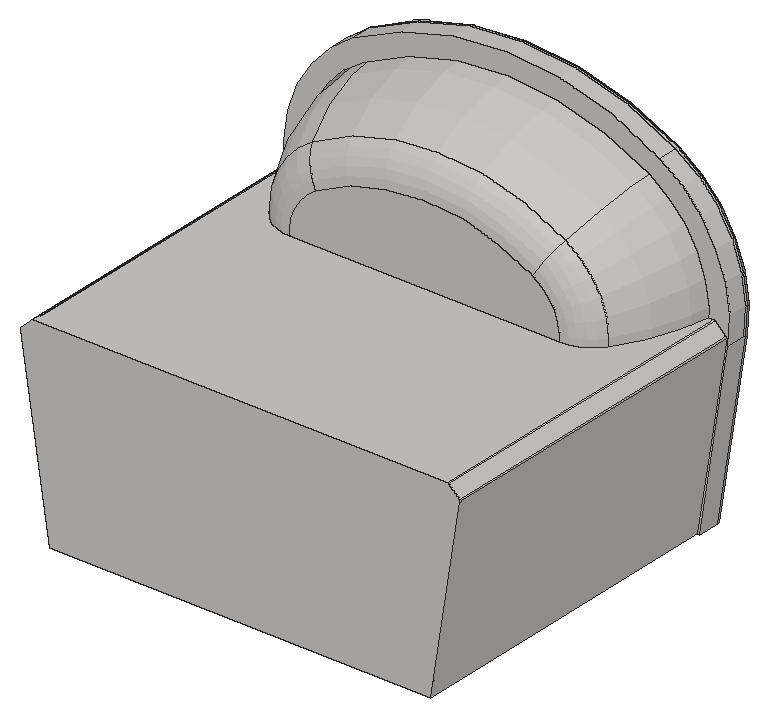
Revit family "PRD_FrankeWS_WlHngWshBsns_AnimaWashbasin_BS204,204-M,205,205-M", category Plumbing Fixtures, host Face, Revit 2018
Family settings
  Host = Face
  Round Connector Dimension = Use Diameter
  Part Type = Normal
  OmniClass Number = 23.45.05.14.14
  OmniClass Title = Sinks/Lavatories
  Cut with Voids When Loaded = No
  Shared = No
  Room Calculation Point = No
Parameters (values of type "BS204 - without taphole")
  WaterSupplyOverflowAndWasteHolesWaterSupply = "No tapholes"
  WaterSupplyOverflowAndWasteHolesWaste = "Center-Back"
  WaterSupplyOverflowAndWasteHolesOverflow = "None"
  WasteSize = 32.0 mm
  WashbasinMaterial = PRD_AR_StainlessSteel_SatinFinished
  WashHandBasinType = "HandRinse"
  WashHandBasinMounting = "WallHung"
  WarrantyStartDate [instance] = "1900-12-31T23:59:59"
  WarrantyGuarantorParts = "n/a"
  WarrantyGuarantorLabor = "n/a"
  WarrantyDurationUnit = "year"
  WarrantyDurationParts = "n/a"
  WarrantyDurationLabor = "n/a"
  WarrantyDescription = "n/a"
  Version = "1"
  Uniclass2015Version = "Products v1.10"
  Uniclass2015Title = "Wall-hung wash basins"
  Uniclass2015Code = "Pr_40_20_96_96"
  URL = "www.kwc.com"
  Type = BS204 : BS204
  TrapCoverMaterial = PRD_AR_StainlessSteel_SatinFinished
  Taphole = no
  TagNumber [instance] = "n/a"
  SustainabilityPerformance = "n/a"
  Standard = "n/a"
  Size = "550 x 450 x 155 mm"
  Shape = "Oval"
  SerialNumber [instance] = "n/a"
  Revision = "n/a"
  ReplacementCost = "n/a"
  ProductInformation = "https://pim.kwc.com/product/2000090016/attachment/datasheet?locale=en"
  OverflowClass = "n/a"
  NominalWidth = 550 mm
  NominalHeight = 155 mm
  NominalDepth = 450 mm
  NetWeight = 3.68 kg
  Name = "ANIMA wall-hung wash basin BS204"
  NBSTypeID = "n/a"
  NBSReference = "45-35-70/369"
  NBSOfficeMasterTag = "n/a"
  NBSNote = "n/a"
  NBSDescription = "Wall hung wash basins"
  NBSCertification = "n/a"
  ModelReference = "BS204"
  ModelNumber = "2000090016"
  Model = ModelReference  # "BS204"
  MaterialsFinishAndColour = "Stainless steel, satin finished"
  MaterialsBody = "Stainless steel 1.4301"
  Material = "Stainless steel"
  ManufacturerURL = "www.kwc.com"
  ManufacturerName = "KWC Group AG"  # constant formula
  Manufacturer = ManufacturerName  # "KWC Group AG"
  IntegralAccessories = "Incl. stainless steel screws and dowels"
  InstallationDate [instance] = "1900-12-31T23:59:59"
  IfcExportType = "WASHHANDBASIN"
  IfcExportAs = "IfcSanitaryTerminalType"
  GrossWeight = 4.64 kg
  Grade = "n/a"
  Form = "Wall hung wash basin"
  Finish = "Satin finished"
  Features = "stainless steel, 1.00 mm, satin finished, wall mounting, 550x155x450 mm (WxHxD)"
  ExpectedLife = "n/a"
  DurationUnit = "year"
  DrainSize = "DN 32 (1 1/4 inch.)"
  Description = "Single wash basin for wall mounting, stainless steel, surface satin finished, material thickness 1 mm, seamless welded bowl with diameter 500x335x155 mm, oval shape, 90 mm tap ledge, prewelded mounting brackets, with soap dish, incl. screws and dowels. without overflow, 1 1/4 flat perforated waste"
  Default Elevation = 850 mm
  CreateOn = "11/2018"  # constant formula
  Constituents = "n/a"
  ConnectingDimensions = "n/a"
  Color = "Stainless steel"
  CodePerformance = "n/a"
  Category = "Pr_40_20_96_96, Wall-hung wash basins"
  BarCode [instance] = "n/a"
  BS206 [instance] = yes
  BIMObjectName = "PRD_AR_WallHungWashBasins_AnimaWashbasin_BS204"
  Author = "Archispace"  # constant formula
  AssetType = "Fixed"
  AssetIdentifier [instance] = "n/a"
  AccessibilityPerformance = "n/a"
Types (4, lengths in mm): name | WaterSupplyOverflowAndWasteHolesWaterSupply | Type | Taphole | ProductInformation | NetWeight | Name | ModelReference | ModelNumber | Model | GrossWeight | Description | BIMObjectName
  BS204 - without taphole | "No tapholes" | BS204 : BS204 | no | "https://pim.kwc.com/product/2000090016/attachment/datasheet?locale=en" | 3.68 kg | "ANIMA wall-hung wash basin BS204" | "BS204" | "2000090016" | "BS204" | 4.64 kg | "Single wash basin for wall mounting, stainless steel, surface satin finished, material thickness 1 mm, seamless welded bowl with diameter 500x335x155 mm, oval shape, 90 mm tap ledge, prewelded mounting brackets, with soap dish, incl. screws and dowels. without overflow, 1 1/4 flat perforated waste" | "PRD_AR_WallHungWashBasins_AnimaWashbasin_BS204"
  BS204-M - with taphole | "Single tap hole, middle, 35 mm" | BS204 : BS204 | yes | "https://pim.kwc.com/product/2000103078/attachment/datasheet?locale=en" | 4.216 kg | "ANIMA wall-hung wash basin BS204-M" | "BS204-M" | "2000103078" | "BS204-M" | 4.316 kg | "Single wash basin for wall mounting, stainless steel, surface satin finished, material thickness 1 mm, seamless welded bowl with diameter 500x335x155 mm, oval shape, 90 mm tap ledge, prewelded mounting brackets, with soap dish, incl. screws and dowels. without overflow, 1 1/4 flat perforated waste, with tap hole" | "PRD_AR_WallHungWashBasins_AnimaWashbasin_BS204-M"
  BS205 - without taphole | "No tapholes" | BS205 : BS205 | no | "https://pim.kwc.com/product/2000090017/attachment/datasheet?locale=en" | 3.63 kg | "ANIMA wall-hung wash basin BS205" | "BS205" | "2000090017" | "BS205" | 4.80 kg | "Single wash basin for wall mounting, stainless steel, surface satin finished, material thickness 1 mm, seamless welded bowl with diameter 500x335x155 mm, oval shape, 90 mm tap ledge, prewelded mounting brackets, with soap dish, incl. screws and dowels. with overflow, 1 1/4 plug waste" | "PRD_AR_WallHungWashBasins_AnimaWashbasin_BS205"
  BS205-M - with taphole | "Single tap hole, middle, 35 mm" | BS205 : BS205 | yes | "https://pim.kwc.com/product/2000103080/attachment/datasheet?locale=en" | 3.63 kg | "ANIMA wall-hung wash basin BS205-M" | "BS205-M" | "2000103080" | "BS205-M" | 3.73 kg | "Single wash basin for wall mounting, stainless steel, surface satin finished, material thickness 1 mm, seamless welded bowl with diameter 500x335x155 mm, oval shape, 90 mm tap ledge, prewelded mounting brackets, with soap dish, incl. screws and dowels. plug valve with 1 1/4 with overflow and tap hole" | "PRD_AR_WallHungWashBasins_AnimaWashbasin_BS205-M"
Reference planes
  plane 1 "Center (Front/Back)": y = 0
  plane 2: z = 0
  plane 3 "Center (Left/Right)": x = 0
Dimensions and locks
  aligned and locked: plane 2 to host face
  aligned and locked: level to host face
Nested families
  nested 1: "BS204" at (0, 0, 0) x (1, 0, 0) z (0, 1, 0), type <- "Type", type "BS204"
  nested 2: "BS206" at (0, -30, 0), visible <- "BS206", type "BS206"
    with WarrantyStartDate "1900-12-31T23:59:59", TagNumber "n/a", SerialNumber "n/a", InstallationDate "1900-12-31T23:59:59", BarCode "n/a", AssetIdentifier "n/a"
Connectors
  piping at (0, -176, 200), diameter 32, driven by "WasteSize", driven by "DrainSize"
    settings: on nested 1, index 1, connector inside diameter 609.6 mm, connector length 0 mm, flow factor 0, pipe flow 0.0 L/s, pressure drop 0.0 Pa, fitting loss kfactor 0, connector angle 0.00°, fixture units 0, engagement length 0 mm, angle of deflection 0.00°, flow configuration 2, flow direction 2, fitting loss method 0, system type 16, joint type 0, gender type 0, connector reference index -1, connector utility 0, adjustable connector no, is connector primary yes, connector description "DN 32 (1 1/4 inch.)"
Definition of nested family "BS204"
  Parameters (values of type "BS204")
    Taphole = no
    Material = none
    Default Elevation = 0 mm
  Reference planes
    plane 1 "Center (Front/Back)": y = 0
    plane 2: z = 0
    plane 3 "Center (Left/Right)": x = 0
    plane 4: y = -200
  Forms (mm)
    Sweep 1, solid, material <- "Material", detail levels fine
      path origin (0, 0, 0) x (1, 0, 0) y (0, 1, 0)
        loop
          arc (121.688, -99.315) -> (0, -90.471) -> (-121.688, -99.315) r 841.617
          arc (-121.688, -99.315) -> (-178.88, -120.153) -> (-223.082, -162.001) r 150
          arc (-223.082, -162.001) -> (-239.146, -191.717) -> (-248.153, -224.273) r 150
          arc (-248.153, -224.273) -> (-235.667, -311.726) -> (-176.127, -376.985) r 150
          arc (-176.127, -376.985) -> (0, -425) -> (176.127, -376.985) r 347.039
          arc (176.127, -376.985) -> (235.667, -311.726) -> (248.153, -224.273) r 150
          arc (248.153, -224.273) -> (239.146, -191.717) -> (223.082, -162.001) r 150
          arc (223.082, -162.001) -> (178.88, -120.153) -> (121.688, -99.315) r 150
      profile origin (0, -90.471, 0) x (0, -1, 0) y (0, 0, 1)
        loop
          arc (3.02, -7.96) -> (2.12, -5.858) -> (0, -5) r 3
          arc (0, -5) -> (10.947, -72.273) -> (40.937, -133.479) r 232.439
          arc (40.937, -133.479) -> (59.575, -150.027) -> (83.773, -156) r 52
          line (83.773, -156) -> (83.773, -154)
          arc (83.773, -154) -> (60.506, -148.256) -> (42.584, -132.345) r 50
          arc (42.584, -132.345) -> (13.568, -73.09) -> (3.02, -7.96) r 224.632
    Extrusion 2, solid, material <- "Material", detail levels fine
      sketch origin (0, 0, 0) x (1, 0, 0) y (0, 1, 0)
        loop
          arc (-109.576, -182.208) -> (-134.826, -191.408) -> (-154.342, -209.884) r 66.227
          arc (-154.342, -209.884) -> (-161.434, -223.004) -> (-165.411, -237.378) r 66.227
          arc (-165.411, -237.378) -> (-159.899, -275.989) -> (-133.611, -304.802) r 66.227
          arc (-133.611, -304.802) -> (0, -341.227) -> (133.611, -304.802) r 263.266
          arc (133.611, -304.802) -> (159.899, -275.989) -> (165.411, -237.378) r 66.227
          arc (165.411, -237.378) -> (161.434, -223.004) -> (154.342, -209.884) r 66.227
          arc (154.342, -209.884) -> (134.826, -191.408) -> (109.576, -182.208) r 66.227
          arc (109.576, -182.208) -> (0, -174.244) -> (-109.576, -182.208) r 757.844
      from -154 to -156
    Extrusion 3, solid, material <- "Material", detail levels fine
      sketch origin (0, 0, 0) x (1, 0, 0) y (0, 1, 0)
        loop
          arc (-272.845, -220.362) -> (-258.279, -322.39) -> (-188.815, -398.526) r 175
          arc (-188.815, -398.526) -> (0, -450) -> (188.815, -398.526) r 372.039
          arc (188.815, -398.526) -> (258.279, -322.39) -> (272.845, -220.362) r 175
          line (272.845, -220.362) -> (237.943, 0) -> (-237.943, 0) -> (-272.845, -220.362)
        loop
          arc (-121.688, -99.315) -> (-178.88, -120.153) -> (-223.082, -162.001) r 150
          arc (-223.082, -162.001) -> (-239.146, -191.717) -> (-248.153, -224.273) r 150
          arc (-248.153, -224.273) -> (-235.667, -311.726) -> (-176.127, -376.985) r 150
          arc (-176.127, -376.985) -> (0, -425) -> (176.127, -376.985) r 347.039
          arc (176.127, -376.985) -> (235.667, -311.726) -> (248.153, -224.273) r 150
          arc (248.153, -224.273) -> (239.146, -191.717) -> (223.082, -162.001) r 150
          arc (223.082, -162.001) -> (178.88, -120.153) -> (121.688, -99.315) r 150
          arc (121.688, -99.315) -> (0, -90.471) -> (-121.688, -99.315) r 841.617
      from -5 to -30
    Extrusion 4, void
      sketch origin (0, 0, 0) x (1, 0, 0) y (0, 1, 0)
        loop
          circle (0, -200) r 25
      from 0 to -156.986
    Sweep 5, solid, material <- "Material", detail levels fine
      path origin (0, 0, 0) x (1, 0, 0) y (0, 1, 0)
        loop
          line (237.943, 0) -> (-237.943, 0) -> (-272.845, -220.362)
          arc (-272.845, -220.362) -> (-258.279, -322.39) -> (-188.815, -398.526) r 175
          arc (-188.815, -398.526) -> (0, -450) -> (188.815, -398.526) r 372.039
          arc (188.815, -398.526) -> (258.279, -322.39) -> (272.845, -220.362) r 175
          line (272.845, -220.362) -> (237.943, 0)
      profile origin (0, 0, 0) x (0, -1, 0) y (0, 0, 1)
        loop
          line (0, -5) -> (25, -5) -> (2.429, -0.046)
          arc (2.429, -0.046) -> (0.746, -0.442) -> (0, -2) r 2
          line (0, -2) -> (0, -5)
    Blend 6, solid, material <- "Material", detail levels fine
      base sketch origin (0, 0, 0) x (1, 0, 0) y (0, 1, 0)
        loop
          arc (-51.103, -92.024) -> (0, -90.471) -> (51.103, -92.024) r 841.617
          line (51.103, -92.024) -> (71.546, -2) -> (-71.546, -2) -> (-51.103, -92.024)
      top sketch origin (0, 0, 0) x (1, 0, 0) y (0, 1, 0)
        loop
          arc (-42.434, -80.527) -> (0, -79.471) -> (42.434, -80.527) r 852.617
          line (42.434, -80.527) -> (60.266, -2) -> (-60.266, -2) -> (-42.434, -80.527)
      from -5 to 0
    Revolve 7, solid, material <- "Material"
      sketch origin (0, 0, 0) x (0, 1, 0) y (0, 0, 1)
        loop
          line (-200, -156) -> (-231, -156) -> (-231, -176) -> (-200, -176) -> (-200, -156)
        axis (-200, -176) -> (-200, -156)
      angle from 0 to 360
    Extrusion 8, solid, material <- "Material", detail levels fine
      sketch origin (-228.045, -0.92, 1200) x (0, -1, 0) y (0, 0, 1)
        loop
          line (1.08, -1363.15) -> (1.08, -1260.029) -> (-0.92, -1260.029) -> (-0.92, -1363.15) -> (1.08, -1363.15)
      from 0 to -55
    Extrusion 9, solid, material <- "Material", detail levels medium+fine
      sketch origin (-228.045, 0, 1200) x (0.156434, 0.987688, 0) y (0, 0, 1)
        loop
          line (0, -1363.15) -> (0, -1260.029) -> (-58.209, -1230) -> (-218.871, -1230) -> (0, -1363.15)
      from 0 to 10
    Extrusion 10, solid, material <- "Material", detail levels fine
      sketch origin (228.045, -0.92, 1200) x (0, -1, 0) y (0, 0, -1)
        loop
          line (1.08, 1363.15) -> (-0.92, 1363.15) -> (-0.92, 1260.029) -> (1.08, 1260.029) -> (1.08, 1363.15)
      from 0 to -55
    Extrusion 11, solid, material <- "Material", detail levels medium+fine
      sketch origin (228.045, 0, 1200) x (-0.156434, 0.987688, 0) y (0, 0, -1)
        loop
          line (0, 1363.15) -> (-218.871, 1230) -> (-58.209, 1230) -> (0, 1260.029) -> (0, 1363.15)
      from 0 to 10
    Sweep 12, solid, material <- "Material", detail levels medium
      path origin (0, 0, 0) x (1, 0, 0) y (0, 1, 0)
        loop
          arc (121.688, -99.315) -> (0, -90.471) -> (-121.688, -99.315) r 841.617
          arc (-121.688, -99.315) -> (-178.88, -120.153) -> (-223.082, -162.001) r 150
          arc (-223.082, -162.001) -> (-239.146, -191.717) -> (-248.153, -224.273) r 150
          arc (-248.153, -224.273) -> (-235.667, -311.726) -> (-176.127, -376.985) r 150
          arc (-176.127, -376.985) -> (0, -425) -> (176.127, -376.985) r 347.039
          arc (176.127, -376.985) -> (235.667, -311.726) -> (248.153, -224.273) r 150
          arc (248.153, -224.273) -> (239.146, -191.717) -> (223.082, -162.001) r 150
          arc (223.082, -162.001) -> (178.88, -120.153) -> (121.688, -99.315) r 150
      profile origin (0, -90.471, 0) x (0, -1, 0) y (0, 0, 1)
        loop
          line (3.056, 0) -> (0, 0)
          arc (0, 0) -> (10.205, -69.887) -> (40.937, -133.479) r 232.345
          arc (40.937, -133.479) -> (59.575, -150.027) -> (83.773, -156) r 52
          line (83.773, -156) -> (83.773, -154)
          arc (83.773, -154) -> (60.506, -148.256) -> (42.584, -132.345) r 50
          arc (42.584, -132.345) -> (12.395, -69.286) -> (3.056, 0) r 224.632
    Extrusion 13, solid, material <- "Material", detail levels medium
      sketch origin (0, 0, 0) x (1, 0, 0) y (0, 1, 0)
        loop
          arc (-272.845, -220.362) -> (-258.279, -322.39) -> (-188.815, -398.526) r 175
          arc (-188.815, -398.526) -> (0, -450) -> (188.815, -398.526) r 372.039
          arc (188.815, -398.526) -> (258.279, -322.39) -> (272.845, -220.362) r 175
          line (272.845, -220.362) -> (237.943, 0) -> (-237.943, 0) -> (-272.845, -220.362)
        loop
          arc (-121.688, -99.315) -> (-178.88, -120.153) -> (-223.082, -162.001) r 150
          arc (-223.082, -162.001) -> (-239.146, -191.717) -> (-248.153, -224.273) r 150
          arc (-248.153, -224.273) -> (-235.667, -311.726) -> (-176.127, -376.985) r 150
          arc (-176.127, -376.985) -> (0, -425) -> (176.127, -376.985) r 347.039
          arc (176.127, -376.985) -> (235.667, -311.726) -> (248.153, -224.273) r 150
          arc (248.153, -224.273) -> (239.146, -191.717) -> (223.082, -162.001) r 150
          arc (223.082, -162.001) -> (178.88, -120.153) -> (121.688, -99.315) r 150
          arc (121.688, -99.315) -> (0, -90.471) -> (-121.688, -99.315) r 841.617
      from 0 to -30
    Extrusion 14, solid, material <- "Material", detail levels medium
      sketch origin (0, 0, 0) x (1, 0, 0) y (0, 1, 0)
        loop
          arc (109.576, -182.208) -> (0, -174.244) -> (-109.576, -182.208) r 757.844
          arc (-109.576, -182.208) -> (-134.826, -191.408) -> (-154.342, -209.884) r 66.227
          arc (-154.342, -209.884) -> (-161.434, -223.004) -> (-165.411, -237.378) r 66.227
          arc (-165.411, -237.378) -> (-159.899, -275.989) -> (-133.611, -304.802) r 66.227
          arc (-133.611, -304.802) -> (0, -341.227) -> (133.611, -304.802) r 263.266
          arc (133.611, -304.802) -> (159.899, -275.989) -> (165.411, -237.378) r 66.227
          arc (165.411, -237.378) -> (161.434, -223.004) -> (154.342, -209.884) r 66.227
          arc (154.342, -209.884) -> (134.826, -191.408) -> (109.576, -182.208) r 66.227
      from -156 to -154
    Extrusion 15, solid, material <- "Material", detail levels coarse
      sketch origin (0, 0, 0) x (1, 0, 0) y (0, 1, 0)
        loop
          line (275, 0) -> (-275, 0) -> (-275, -247.738)
          arc (-275, -247.738) -> (-251.934, -334.578) -> (-188.815, -398.526) r 175
          arc (-188.815, -398.526) -> (0, -450) -> (188.815, -398.526) r 372.039
          arc (188.815, -398.526) -> (251.934, -334.578) -> (275, -247.738) r 175
          line (275, -247.738) -> (275, 0)
      from 0 to -156
  Cuts and joins
    Extrusion 4 cuts Extrusion 2
    joined: Sweep 1, Extrusion 2
    joined: Extrusion 3, Sweep 5
    Extrusion 4 cuts Extrusion 14
    joined: Sweep 12, Extrusion 13, Extrusion 14
  Lines and regions (mm)
    model lines, visible <- "Taphole"
      curve 1: circle (0, -48, 0) r 17.5 normal (0, 0, 1)
    model lines, detail levels coarse
      curve 2: arc (-248.153, -224.273, 0) -> (-239.146, -191.717, 0) -> (-223.082, -162.001, 0) r 150
      curve 3: arc (-223.082, -162.001, 0) -> (-178.88, -120.153, 0) -> (-121.688, -99.315, 0) r 150
      curve 4: arc (-121.688, -99.315, 0) -> (0, -90.471, 0) -> (121.688, -99.315, 0) r 841.617
      curve 5: arc (121.688, -99.315, 0) -> (178.88, -120.153, 0) -> (223.082, -162.001, 0) r 150
      curve 6: arc (223.082, -162.001, 0) -> (239.146, -191.717, 0) -> (248.153, -224.273, 0) r 150
      curve 7: arc (248.153, -224.273, 0) -> (235.667, -311.726, 0) -> (176.127, -376.985, 0) r 150
      curve 8: arc (176.127, -376.985, 0) -> (0, -425, 0) -> (-176.127, -376.985, 0) r 347.039
      curve 9: arc (-176.127, -376.985, 0) -> (-235.667, -311.726, 0) -> (-248.153, -224.273, 0) r 150
  Dimensions and locks
    aligned and locked: level to plane 2
Definition of nested family "BS206"
  Parameters (values of type "BS206")
    WarrantyStartDate [instance] = "1900-12-31T23:59:59"
    WarrantyGuarantorParts = "n/a"
    WarrantyGuarantorLabor = "n/a"
    WarrantyDurationUnit = "year"
    WarrantyDurationParts = "n/a"
    WarrantyDurationLabor = "n/a"
    WarrantyDescription = "n/a"
    Version = "1"
    Uniclass2015Version = "Products v1.5"
    Uniclass2015Title = "Wall-hung wash basins"
    Uniclass2015Code = "Pr_40_20_96_96"
    URL = "www.kwc.com"
    TrapCoverMaterial = none
    TagNumber [instance] = "n/a"
    SustainabilityPerformance = "n/a"
    Style = "Trap cover"
    Size = "542 x 410 x 244 mm"
    Shape = "n/a"
    SerialNumber [instance] = "n/a"
    Revision = "n/a"
    ReplacementCost = "n/a"
    ProductInformation = "https://pim.kwc.com/product/2000058442/attachment/datasheet?locale=en"
    NominalWidth = 0 mm
    NominalLength = 542 mm
    NominalHeight = 410 mm
    NominalDepth = 244 mm
    NetWeight = 4.70 kg
    Name = "ANIMA trap cover BS206"
    NBSTypeID = "n/a"
    NBSReference = "45-35-70/369"
    NBSOfficeMasterTag = "n/a"
    NBSNote = "n/a"
    NBSDescription = "Wall hung wash basins"
    NBSCertification = "n/a"
    ModelReference = "BS206"
    ModelNumber = "2000058442"
    Model = ModelReference  # "BS206"
    Material = "Stainless steel 1.4301"
    ManufacturerURL = "www.kwc.com"
    ManufacturerName = "KWC Group AG"  # constant formula
    Manufacturer = ManufacturerName  # "KWC Group AG"
    MainColor = "Stainless steel"
    InstallationDate [instance] = "1900-12-31T23:59:59"
    IfcExportType = "NOTDEFINED"
    IfcExportAs = "IfcFurnitureType"
    GrossWeight = 4.70 kg
    Grade = "n/a"
    Finish = "Satin finished"
    Features = "stainless steel, 1.00 mm, satin finished, wall mounting, 542x410x244 mm (WxHxD)"
    ExpectedLife = "n/a"
    DurationUnit = "year"
    Description = "Wall mounted trap cover for wash basin BS204 and BS205, stainless steel, surface high polished, material thickness 1 mm, not closed at bottom, incl. screws and dowels."
    Default Elevation = 820 mm
    Constituents = "n/a"
    Color = "Stainless steel"
    CodePerformance = "n/a"
    Category = "Pr_40_20_96_96, Wall-hung wash basins"
    BarCode [instance] = "n/a"
    BIMObjectName = "PRD_AR_WallHungWashBasins_AnimaTrapCover_BS206"
    Author = "Archispace"  # constant formula
    AssetType = "Fixed"
    AssetIdentifier [instance] = "n/a"
    AccessibilityPerformance = "n/a"
  Reference planes
    plane 1 "Center (Front/Back)": y = 0
    plane 2: z = 0
    plane 3 "Center (Left/Right)": x = 0
  Forms (mm)
    Extrusion 1, solid
      sketch origin (0, 0, 0) x (1, 0, 0) y (0, 1, 0)
        loop
          line (-1219.2, 1219.2) -> (-1219.2, -1219.2) -> (1219.2, -1219.2) -> (1219.2, 1219.2) -> (-1219.2, 1219.2)
      from 0 to -304.8
    Extrusion 2, solid, material <- "TrapCoverMaterial", detail levels medium+fine
      sketch origin (0, 0, 0) x (1, 0, 0) y (0, 0, 1)
        loop
          arc (-255.299, 244) -> (-256.409, 243.779) -> (-257.349, 243.151) r 2.9
          line (-257.349, 243.151) -> (-269.955, 230.545)
          arc (-269.955, 230.545) -> (-270.663, 229.39) -> (-270.769, 228.041) r 2.9
          line (-270.769, 228.041) -> (-234.651, 0) -> (-209.651, 0) -> (-209.651, 1) -> (-233.797, 1) -> (-269.781, 228.197)
          arc (-269.781, 228.197) -> (-269.712, 229.081) -> (-269.248, 229.838) r 1.9
          line (-269.248, 229.838) -> (-256.642, 242.444)
          arc (-256.642, 242.444) -> (-256.026, 242.855) -> (-255.299, 243) r 1.9
          line (-255.299, 243) -> (255.299, 243)
          arc (255.299, 243) -> (256.026, 242.855) -> (256.642, 242.444) r 1.9
          line (256.642, 242.444) -> (269.248, 229.838)
          arc (269.248, 229.838) -> (269.712, 229.081) -> (269.781, 228.197) r 1.9
          line (269.781, 228.197) -> (233.797, 1) -> (209.651, 1) -> (209.651, 0) -> (234.651, 0) -> (270.769, 228.041)
          arc (270.769, 228.041) -> (270.663, 229.39) -> (269.955, 230.545) r 2.9
          line (269.955, 230.545) -> (257.349, 243.151)
          arc (257.349, 243.151) -> (256.409, 243.779) -> (255.299, 244) r 2.9
          line (255.299, 244) -> (-255.299, 244)
      from 0 to 410
    Extrusion 3, void
      sketch origin (0, 0, 0) x (1, 0, 0) y (0, 1, 0)
        loop
          arc (-249.256, 0) -> (-235.828, -54.416) -> (-209.813, -104.06) r 233.35
          arc (-209.813, -104.06) -> (-190.818, -120.916) -> (-166.163, -127) r 53
          line (-166.163, -127) -> (166.163, -127)
          arc (166.163, -127) -> (190.818, -120.916) -> (209.813, -104.06) r 53
          arc (209.813, -104.06) -> (235.828, -54.416) -> (249.256, 0) r 233.35
          line (249.256, 0) -> (-249.256, 0)
      from 179.412 to 250
    Extrusion 4, void
      sketch origin (0, 0, 0) x (1, 0, 0) y (0, 0, 1)
        loop
          line (-233.638, 0) -> (233.638, 0) -> (233.797, 1) -> (-233.797, 1) -> (-233.638, 0)
      from 0 to 133.5
    Extrusion 5, solid, material <- "TrapCoverMaterial", detail levels medium+fine
      sketch origin (0, 0, 0) x (1, 0, 0) y (0, 0, 1)
        loop
          line (-233.638, 0) -> (233.638, 0) -> (269.781, 228.197)
          arc (269.781, 228.197) -> (269.712, 229.081) -> (269.248, 229.838) r 1.9
          line (269.248, 229.838) -> (256.642, 242.444)
          arc (256.642, 242.444) -> (256.026, 242.855) -> (255.299, 243) r 1.9
          line (255.299, 243) -> (-255.299, 243)
          arc (-255.299, 243) -> (-256.026, 242.855) -> (-256.642, 242.444) r 1.9
          line (-256.642, 242.444) -> (-269.248, 229.838)
          arc (-269.248, 229.838) -> (-269.712, 229.081) -> (-269.781, 228.197) r 1.9
          line (-269.781, 228.197) -> (-233.638, 0)
      from 401 to 410
    Extrusion 6, solid, material <- "TrapCoverMaterial", detail levels coarse
      sketch origin (0, 0, 0) x (1, 0, 0) y (0, 0, 1)
        loop
          line (-271, 244) -> (-271, 0) -> (271, 0) -> (271, 244) -> (-271, 244)
      from 0 to 410
    Extrusion 7, solid, material <- "TrapCoverMaterial", detail levels medium
      sketch origin (0, 0, 0) x (1, 0, 0) y (0, 0, 1)
        loop
          line (256.086, 243) -> (269.933, 229.153) -> (233.638, 0) -> (234.651, 0) -> (271, 229.5) -> (256.5, 244) -> (-256.5, 244) -> (-271, 229.5) -> (-234.651, 0) -> (-233.638, 0) -> (-269.933, 229.153) -> (-256.086, 243) -> (256.086, 243)
      from 0 to 410
  Cuts and joins
    Extrusion 3, Extrusion 4 cuts Extrusion 2
    joined: Extrusion 2, Extrusion 5
    Extrusion 3 cuts Extrusion 7
  Dimensions and locks
    aligned and locked: plane 2 to Extrusion 1
    aligned and locked: level to Extrusion 1
